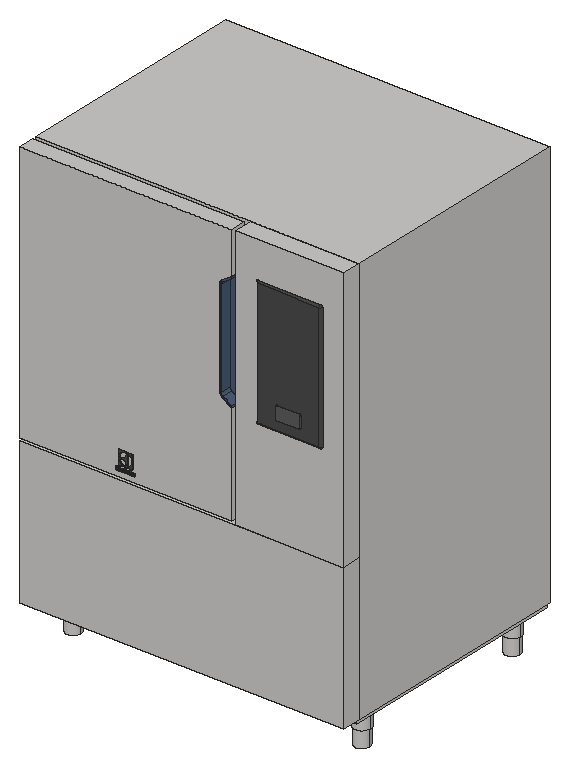
Revit family "QF_ELECTROLUXPROFESSIONAL_727876_EBFA12URE", category Specialty Equipment, Revit 2018 (continued)
Lines and regions (mm)
  Split face 221
    outline origin (170.176, -292.149, -222.619) x (-1, 0, 0) y (0, 0, -1)
      loop
        line (846.638, -548.639) -> (956.654, -548.639) -> (956.654, -543.665) -> (846.638, -543.665) -> (846.638, -548.639)
  Split face 222
    outline origin (170.176, -292.149, -213.119) x (-1, 0, 0) y (0, 0, -1)
      loop
        line (846.638, -548.639) -> (956.654, -548.639) -> (956.654, -543.665) -> (846.638, -543.665) -> (846.638, -548.639)
  Split face 223
    outline origin (170.176, -292.149, -203.619) x (-1, 0, 0) y (0, 0, -1)
      loop
        line (846.638, -548.639) -> (956.654, -548.639) -> (956.654, -543.665) -> (846.638, -543.665) -> (846.638, -548.639)
  Split face 224
    outline origin (170.176, -292.149, -194.118) x (-1, 0, 0) y (0, 0, -1)
      loop
        line (846.638, -548.639) -> (956.654, -548.639) -> (956.654, -543.665) -> (846.638, -543.665) -> (846.638, -548.639)
  Split face 225
    outline origin (170.176, -292.149, -184.618) x (-1, 0, 0) y (0, 0, -1)
      loop
        line (846.638, -548.639) -> (956.654, -548.639) -> (956.654, -543.665) -> (846.638, -543.665) -> (846.638, -548.639)
  Split face 226
    outline origin (170.176, -292.149, -175.118) x (-1, 0, 0) y (0, 0, -1)
      loop
        line (846.638, -548.639) -> (956.654, -548.639) -> (956.654, -543.665) -> (846.638, -543.665) -> (846.638, -548.639)
  Split face 227
    outline origin (170.176, -292.149, -165.618) x (-1, 0, 0) y (0, 0, -1)
      loop
        line (846.638, -548.639) -> (956.654, -548.639) -> (956.654, -543.665) -> (846.638, -543.665) -> (846.638, -548.639)
  Split face 228
    outline origin (170.176, -292.149, -156.118) x (-1, 0, 0) y (0, 0, -1)
      loop
        line (846.638, -548.639) -> (956.654, -548.639) -> (956.654, -543.665) -> (846.638, -543.665) -> (846.638, -548.639)
  Split face 229
    outline origin (170.176, -292.149, -146.618) x (-1, 0, 0) y (0, 0, -1)
      loop
        line (846.638, -548.639) -> (956.654, -548.639) -> (956.654, -543.665) -> (846.638, -543.665) -> (846.638, -548.639)
  Split face 230
    outline origin (170.176, -292.149, -137.118) x (-1, 0, 0) y (0, 0, -1)
      loop
        line (846.638, -548.639) -> (956.654, -548.639) -> (956.654, -543.665) -> (846.638, -543.665) -> (846.638, -548.639)
  Split face 231
    outline origin (170.176, -292.149, -127.618) x (-1, 0, 0) y (0, 0, -1)
      loop
        line (846.638, -548.639) -> (956.654, -548.639) -> (956.654, -543.665) -> (846.638, -543.665) -> (846.638, -548.639)
  Split face 232
    outline origin (170.176, -292.149, -118.118) x (-1, 0, 0) y (0, 0, -1)
      loop
        line (846.638, -548.639) -> (956.654, -548.639) -> (956.654, -543.665) -> (846.638, -543.665) -> (846.638, -548.639)
  Split face 233
    outline origin (170.176, -292.149, -108.618) x (-1, 0, 0) y (0, 0, -1)
      loop
        line (846.638, -548.639) -> (956.654, -548.639) -> (956.654, -543.665) -> (846.638, -543.665) -> (846.638, -548.639)
  Split face 234
    outline origin (170.176, -292.149, -99.118) x (-1, 0, 0) y (0, 0, -1)
      loop
        line (846.638, -548.639) -> (956.654, -548.639) -> (956.654, -543.665) -> (846.638, -543.665) -> (846.638, -548.639)
  Split face 235
    outline origin (170.176, -292.149, -89.618) x (-1, 0, 0) y (0, 0, -1)
      loop
        line (846.638, -548.639) -> (956.654, -548.639) -> (956.654, -543.665) -> (846.638, -543.665) -> (846.638, -548.639)
  Split face 236
    outline origin (170.176, -292.149, -80.117) x (-1, 0, 0) y (0, 0, -1)
      loop
        line (846.638, -548.639) -> (956.654, -548.639) -> (956.654, -543.665) -> (846.638, -543.665) -> (846.638, -548.639)
  Split face 237
    outline origin (170.176, -292.149, -70.617) x (-1, 0, 0) y (0, 0, -1)
      loop
        line (846.638, -548.639) -> (956.654, -548.639) -> (956.654, -543.665) -> (846.638, -543.665) -> (846.638, -548.639)
  Split face 238
    outline origin (170.176, -292.149, -61.117) x (-1, 0, 0) y (0, 0, -1)
      loop
        line (846.638, -548.639) -> (956.654, -548.639) -> (956.654, -543.665) -> (846.638, -543.665) -> (846.638, -548.639)
  Split face 239
    outline origin (170.176, -292.149, -51.617) x (-1, 0, 0) y (0, 0, -1)
      loop
        line (846.638, -548.639) -> (956.654, -548.639) -> (956.654, -543.665) -> (846.638, -543.665) -> (846.638, -548.639)
  Split face 240
    outline origin (170.176, -292.149, -42.117) x (-1, 0, 0) y (0, 0, -1)
      loop
        line (846.638, -548.639) -> (956.654, -548.639) -> (956.654, -543.665) -> (846.638, -543.665) -> (846.638, -548.639)
  Split face 241
    outline origin (170.176, -292.149, -32.617) x (-1, 0, 0) y (0, 0, -1)
      loop
        line (846.638, -548.639) -> (956.654, -548.639) -> (956.654, -543.665) -> (846.638, -543.665) -> (846.638, -548.639)
  Split face 242
    outline origin (170.176, -292.149, -23.117) x (-1, 0, 0) y (0, 0, -1)
      loop
        line (846.638, -548.639) -> (956.654, -548.639) -> (956.654, -543.665) -> (846.638, -543.665) -> (846.638, -548.639)
  Split face 243
    outline origin (170.176, -292.149, -13.617) x (-1, 0, 0) y (0, 0, -1)
      loop
        line (846.638, -548.639) -> (956.654, -548.639) -> (956.654, -543.665) -> (846.638, -543.665) -> (846.638, -548.639)
  Split face 244
    outline origin (170.176, -292.149, -4.117) x (-1, 0, 0) y (0, 0, -1)
      loop
        line (846.638, -548.639) -> (956.654, -548.639) -> (956.654, -543.665) -> (846.638, -543.665) -> (846.638, -548.639)
  Split face 245
    outline origin (170.176, -292.149, 5.383) x (-1, 0, 0) y (0, 0, -1)
      loop
        line (846.638, -548.639) -> (956.654, -548.639) -> (956.654, -543.665) -> (846.638, -543.665) -> (846.638, -548.639)
  Split face 246
    outline origin (170.176, -292.149, 14.883) x (-1, 0, 0) y (0, 0, -1)
      loop
        line (846.638, -548.639) -> (956.654, -548.639) -> (956.654, -543.665) -> (846.638, -543.665) -> (846.638, -548.639)
  Split face 247
    outline origin (50.185, -292.149, -365.12) x (-1, 0, 0) y (0, 0, -1)
      loop
        line (846.638, -548.639) -> (956.654, -548.639) -> (956.654, -543.665) -> (846.638, -543.665) -> (846.638, -548.639)
  Split face 248
    outline origin (50.185, -292.149, -355.62) x (-1, 0, 0) y (0, 0, -1)
      loop
        line (846.638, -548.639) -> (956.654, -548.639) -> (956.654, -543.665) -> (846.638, -543.665) -> (846.638, -548.639)
  Split face 249
    outline origin (50.185, -292.149, -346.12) x (-1, 0, 0) y (0, 0, -1)
      loop
        line (846.638, -548.639) -> (956.654, -548.639) -> (956.654, -543.665) -> (846.638, -543.665) -> (846.638, -548.639)
  Split face 250
    outline origin (50.185, -292.149, -336.62) x (-1, 0, 0) y (0, 0, -1)
      loop
        line (846.638, -548.639) -> (956.654, -548.639) -> (956.654, -543.665) -> (846.638, -543.665) -> (846.638, -548.639)
  Split face 251
    outline origin (50.185, -292.149, -327.12) x (-1, 0, 0) y (0, 0, -1)
      loop
        line (846.638, -548.639) -> (956.654, -548.639) -> (956.654, -543.665) -> (846.638, -543.665) -> (846.638, -548.639)
  Split face 252
    outline origin (50.185, -292.149, -317.619) x (-1, 0, 0) y (0, 0, -1)
      loop
        line (846.638, -548.639) -> (956.654, -548.639) -> (956.654, -543.665) -> (846.638, -543.665) -> (846.638, -548.639)
  Split face 253
    outline origin (50.185, -292.149, -308.119) x (-1, 0, 0) y (0, 0, -1)
      loop
        line (846.638, -548.639) -> (956.654, -548.639) -> (956.654, -543.665) -> (846.638, -543.665) -> (846.638, -548.639)
  Split face 254
    outline origin (50.185, -292.149, -298.619) x (-1, 0, 0) y (0, 0, -1)
      loop
        line (846.638, -548.639) -> (956.654, -548.639) -> (956.654, -543.665) -> (846.638, -543.665) -> (846.638, -548.639)
  Split face 255
    outline origin (50.185, -292.149, -289.119) x (-1, 0, 0) y (0, 0, -1)
      loop
        line (846.638, -548.639) -> (956.654, -548.639) -> (956.654, -543.665) -> (846.638, -543.665) -> (846.638, -548.639)
  Split face 256
    outline origin (50.185, -292.149, -279.619) x (-1, 0, 0) y (0, 0, -1)
      loop
        line (846.638, -548.639) -> (956.654, -548.639) -> (956.654, -543.665) -> (846.638, -543.665) -> (846.638, -548.639)
  Split face 257
    outline origin (50.185, -292.149, -270.119) x (-1, 0, 0) y (0, 0, -1)
      loop
        line (846.638, -548.639) -> (956.654, -548.639) -> (956.654, -543.665) -> (846.638, -543.665) -> (846.638, -548.639)
  Split face 258
    outline origin (50.185, -292.149, -260.619) x (-1, 0, 0) y (0, 0, -1)
      loop
        line (846.638, -548.639) -> (956.654, -548.639) -> (956.654, -543.665) -> (846.638, -543.665) -> (846.638, -548.639)
  Split face 259
    outline origin (50.185, -292.149, -251.119) x (-1, 0, 0) y (0, 0, -1)
      loop
        line (846.638, -548.639) -> (956.654, -548.639) -> (956.654, -543.665) -> (846.638, -543.665) -> (846.638, -548.639)
  Split face 260
    outline origin (50.185, -292.149, -241.619) x (-1, 0, 0) y (0, 0, -1)
      loop
        line (846.638, -548.639) -> (956.654, -548.639) -> (956.654, -543.665) -> (846.638, -543.665) -> (846.638, -548.639)
  Split face 261
    outline origin (50.185, -292.149, -232.119) x (-1, 0, 0) y (0, 0, -1)
      loop
        line (846.638, -548.639) -> (956.654, -548.639) -> (956.654, -543.665) -> (846.638, -543.665) -> (846.638, -548.639)
  Split face 262
    outline origin (50.185, -292.149, -222.619) x (-1, 0, 0) y (0, 0, -1)
      loop
        line (846.638, -548.639) -> (956.654, -548.639) -> (956.654, -543.665) -> (846.638, -543.665) -> (846.638, -548.639)
  Split face 263
    outline origin (50.185, -292.149, -213.119) x (-1, 0, 0) y (0, 0, -1)
      loop
        line (846.638, -548.639) -> (956.654, -548.639) -> (956.654, -543.665) -> (846.638, -543.665) -> (846.638, -548.639)
  Split face 264
    outline origin (50.185, -292.149, -203.619) x (-1, 0, 0) y (0, 0, -1)
      loop
        line (846.638, -548.639) -> (956.654, -548.639) -> (956.654, -543.665) -> (846.638, -543.665) -> (846.638, -548.639)
  Split face 265
    outline origin (50.185, -292.149, -194.118) x (-1, 0, 0) y (0, 0, -1)
      loop
        line (846.638, -548.639) -> (956.654, -548.639) -> (956.654, -543.665) -> (846.638, -543.665) -> (846.638, -548.639)
  Split face 266
    outline origin (50.185, -292.149, -184.618) x (-1, 0, 0) y (0, 0, -1)
      loop
        line (846.638, -548.639) -> (956.654, -548.639) -> (956.654, -543.665) -> (846.638, -543.665) -> (846.638, -548.639)
  Split face 267
    outline origin (50.185, -292.149, -175.118) x (-1, 0, 0) y (0, 0, -1)
      loop
        line (846.638, -548.639) -> (956.654, -548.639) -> (956.654, -543.665) -> (846.638, -543.665) -> (846.638, -548.639)
  Split face 268
    outline origin (50.185, -292.149, -165.618) x (-1, 0, 0) y (0, 0, -1)
      loop
        line (846.638, -548.639) -> (956.654, -548.639) -> (956.654, -543.665) -> (846.638, -543.665) -> (846.638, -548.639)
  Split face 269
    outline origin (50.185, -292.149, -156.118) x (-1, 0, 0) y (0, 0, -1)
      loop
        line (846.638, -548.639) -> (956.654, -548.639) -> (956.654, -543.665) -> (846.638, -543.665) -> (846.638, -548.639)
  Split face 270
    outline origin (50.185, -292.149, -146.618) x (-1, 0, 0) y (0, 0, -1)
      loop
        line (846.638, -548.639) -> (956.654, -548.639) -> (956.654, -543.665) -> (846.638, -543.665) -> (846.638, -548.639)
  Split face 271
    outline origin (50.185, -292.149, -137.118) x (-1, 0, 0) y (0, 0, -1)
      loop
        line (846.638, -548.639) -> (956.654, -548.639) -> (956.654, -543.665) -> (846.638, -543.665) -> (846.638, -548.639)
  Split face 272
    outline origin (50.185, -292.149, -127.618) x (-1, 0, 0) y (0, 0, -1)
      loop
        line (846.638, -548.639) -> (956.654, -548.639) -> (956.654, -543.665) -> (846.638, -543.665) -> (846.638, -548.639)
  Split face 273
    outline origin (50.185, -292.149, -118.118) x (-1, 0, 0) y (0, 0, -1)
      loop
        line (846.638, -548.639) -> (956.654, -548.639) -> (956.654, -543.665) -> (846.638, -543.665) -> (846.638, -548.639)
  Split face 274
    outline origin (50.185, -292.149, -108.618) x (-1, 0, 0) y (0, 0, -1)
      loop
        line (846.638, -548.639) -> (956.654, -548.639) -> (956.654, -543.665) -> (846.638, -543.665) -> (846.638, -548.639)
  Split face 275
    outline origin (50.185, -292.149, -99.118) x (-1, 0, 0) y (0, 0, -1)
      loop
        line (846.638, -548.639) -> (956.654, -548.639) -> (956.654, -543.665) -> (846.638, -543.665) -> (846.638, -548.639)
  Split face 276
    outline origin (50.185, -292.149, -89.618) x (-1, 0, 0) y (0, 0, -1)
      loop
        line (846.638, -548.639) -> (956.654, -548.639) -> (956.654, -543.665) -> (846.638, -543.665) -> (846.638, -548.639)
  Split face 277
    outline origin (50.185, -292.149, -80.117) x (-1, 0, 0) y (0, 0, -1)
      loop
        line (846.638, -548.639) -> (956.654, -548.639) -> (956.654, -543.665) -> (846.638, -543.665) -> (846.638, -548.639)
  Split face 278
    outline origin (50.185, -292.149, -70.617) x (-1, 0, 0) y (0, 0, -1)
      loop
        line (846.638, -548.639) -> (956.654, -548.639) -> (956.654, -543.665) -> (846.638, -543.665) -> (846.638, -548.639)
  Split face 279
    outline origin (50.185, -292.149, -61.117) x (-1, 0, 0) y (0, 0, -1)
      loop
        line (846.638, -548.639) -> (956.654, -548.639) -> (956.654, -543.665) -> (846.638, -543.665) -> (846.638, -548.639)
  Split face 280
    outline origin (50.185, -292.149, -51.617) x (-1, 0, 0) y (0, 0, -1)
      loop
        line (846.638, -548.639) -> (956.654, -548.639) -> (956.654, -543.665) -> (846.638, -543.665) -> (846.638, -548.639)
  Split face 281
    outline origin (50.185, -292.149, -42.117) x (-1, 0, 0) y (0, 0, -1)
      loop
        line (846.638, -548.639) -> (956.654, -548.639) -> (956.654, -543.665) -> (846.638, -543.665) -> (846.638, -548.639)
  Split face 282
    outline origin (50.185, -292.149, -32.617) x (-1, 0, 0) y (0, 0, -1)
      loop
        line (846.638, -548.639) -> (956.654, -548.639) -> (956.654, -543.665) -> (846.638, -543.665) -> (846.638, -548.639)
  Split face 283
    outline origin (50.185, -292.149, -23.117) x (-1, 0, 0) y (0, 0, -1)
      loop
        line (846.638, -548.639) -> (956.654, -548.639) -> (956.654, -543.665) -> (846.638, -543.665) -> (846.638, -548.639)
  Split face 284
    outline origin (50.185, -292.149, -13.617) x (-1, 0, 0) y (0, 0, -1)
      loop
        line (846.638, -548.639) -> (956.654, -548.639) -> (956.654, -543.665) -> (846.638, -543.665) -> (846.638, -548.639)
  Split face 285
    outline origin (50.185, -292.149, -4.117) x (-1, 0, 0) y (0, 0, -1)
      loop
        line (846.638, -548.639) -> (956.654, -548.639) -> (956.654, -543.665) -> (846.638, -543.665) -> (846.638, -548.639)
  Split face 286
    outline origin (50.185, -292.149, 5.383) x (-1, 0, 0) y (0, 0, -1)
      loop
        line (846.638, -548.639) -> (956.654, -548.639) -> (956.654, -543.665) -> (846.638, -543.665) -> (846.638, -548.639)
  Split face 287
    outline origin (50.185, -292.149, 14.883) x (-1, 0, 0) y (0, 0, -1)
      loop
        line (846.638, -548.639) -> (956.654, -548.639) -> (956.654, -543.665) -> (846.638, -543.665) -> (846.638, -548.639)
  Split face 288
    outline origin (530.15, -292.149, -365.12) x (-1, 0, 0) y (0, 0, -1)
      loop
        line (846.638, -548.639) -> (956.654, -548.639) -> (956.654, -543.665) -> (846.638, -543.665) -> (846.638, -548.639)
  Split face 289
    outline origin (530.15, -292.149, -355.62) x (-1, 0, 0) y (0, 0, -1)
      loop
        line (846.638, -548.639) -> (956.654, -548.639) -> (956.654, -543.665) -> (846.638, -543.665) -> (846.638, -548.639)
  Split face 290
    outline origin (530.15, -292.149, -346.12) x (-1, 0, 0) y (0, 0, -1)
      loop
        line (846.638, -548.639) -> (956.654, -548.639) -> (956.654, -543.665) -> (846.638, -543.665) -> (846.638, -548.639)
  Split face 291
    outline origin (530.15, -292.149, -336.62) x (-1, 0, 0) y (0, 0, -1)
      loop
        line (846.638, -548.639) -> (956.654, -548.639) -> (956.654, -543.665) -> (846.638, -543.665) -> (846.638, -548.639)
  Split face 292
    outline origin (530.15, -292.149, -327.12) x (-1, 0, 0) y (0, 0, -1)
      loop
        line (846.638, -548.639) -> (956.654, -548.639) -> (956.654, -543.665) -> (846.638, -543.665) -> (846.638, -548.639)
  Split face 293
    outline origin (530.15, -292.149, -317.619) x (-1, 0, 0) y (0, 0, -1)
      loop
        line (846.638, -548.639) -> (956.654, -548.639) -> (956.654, -543.665) -> (846.638, -543.665) -> (846.638, -548.639)
  Split face 294
    outline origin (530.15, -292.149, -308.119) x (-1, 0, 0) y (0, 0, -1)
      loop
        line (846.638, -548.639) -> (956.654, -548.639) -> (956.654, -543.665) -> (846.638, -543.665) -> (846.638, -548.639)
  Split face 295
    outline origin (530.15, -292.149, -298.619) x (-1, 0, 0) y (0, 0, -1)
      loop
        line (846.638, -548.639) -> (956.654, -548.639) -> (956.654, -543.665) -> (846.638, -543.665) -> (846.638, -548.639)
  Split face 296
    outline origin (530.15, -292.149, -289.119) x (-1, 0, 0) y (0, 0, -1)
      loop
        line (846.638, -548.639) -> (956.654, -548.639) -> (956.654, -543.665) -> (846.638, -543.665) -> (846.638, -548.639)
  Split face 297
    outline origin (530.15, -292.149, -279.619) x (-1, 0, 0) y (0, 0, -1)
      loop
        line (846.638, -548.639) -> (956.654, -548.639) -> (956.654, -543.665) -> (846.638, -543.665) -> (846.638, -548.639)
  Split face 298
    outline origin (530.15, -292.149, -270.119) x (-1, 0, 0) y (0, 0, -1)
      loop
        line (846.638, -548.639) -> (956.654, -548.639) -> (956.654, -543.665) -> (846.638, -543.665) -> (846.638, -548.639)
  Split face 299
    outline origin (530.15, -292.149, -260.619) x (-1, 0, 0) y (0, 0, -1)
      loop
        line (846.638, -548.639) -> (956.654, -548.639) -> (956.654, -543.665) -> (846.638, -543.665) -> (846.638, -548.639)
  Split face 300
    outline origin (530.15, -292.149, -251.119) x (-1, 0, 0) y (0, 0, -1)
      loop
        line (846.638, -548.639) -> (956.654, -548.639) -> (956.654, -543.665) -> (846.638, -543.665) -> (846.638, -548.639)
  Split face 301
    outline origin (530.15, -292.149, -241.619) x (-1, 0, 0) y (0, 0, -1)
      loop
        line (846.638, -548.639) -> (956.654, -548.639) -> (956.654, -543.665) -> (846.638, -543.665) -> (846.638, -548.639)
  Split face 302
    outline origin (530.15, -292.149, -232.119) x (-1, 0, 0) y (0, 0, -1)
      loop
        line (846.638, -548.639) -> (956.654, -548.639) -> (956.654, -543.665) -> (846.638, -543.665) -> (846.638, -548.639)
  Split face 303
    outline origin (530.15, -292.149, -222.619) x (-1, 0, 0) y (0, 0, -1)
      loop
        line (846.638, -548.639) -> (956.654, -548.639) -> (956.654, -543.665) -> (846.638, -543.665) -> (846.638, -548.639)
  Split face 304
    outline origin (530.15, -292.149, -213.119) x (-1, 0, 0) y (0, 0, -1)
      loop
        line (846.638, -548.639) -> (956.654, -548.639) -> (956.654, -543.665) -> (846.638, -543.665) -> (846.638, -548.639)
  Split face 305
    outline origin (530.15, -292.149, -203.619) x (-1, 0, 0) y (0, 0, -1)
      loop
        line (846.638, -548.639) -> (956.654, -548.639) -> (956.654, -543.665) -> (846.638, -543.665) -> (846.638, -548.639)
  Split face 306
    outline origin (530.15, -292.149, -194.118) x (-1, 0, 0) y (0, 0, -1)
      loop
        line (846.638, -548.639) -> (956.654, -548.639) -> (956.654, -543.665) -> (846.638, -543.665) -> (846.638, -548.639)
  Split face 307
    outline origin (530.15, -292.149, -184.618) x (-1, 0, 0) y (0, 0, -1)
      loop
        line (846.638, -548.639) -> (956.654, -548.639) -> (956.654, -543.665) -> (846.638, -543.665) -> (846.638, -548.639)
  Split face 308
    outline origin (530.15, -292.149, -175.118) x (-1, 0, 0) y (0, 0, -1)
      loop
        line (846.638, -548.639) -> (956.654, -548.639) -> (956.654, -543.665) -> (846.638, -543.665) -> (846.638, -548.639)
  Split face 309
    outline origin (530.15, -292.149, -165.618) x (-1, 0, 0) y (0, 0, -1)
      loop
        line (846.638, -548.639) -> (956.654, -548.639) -> (956.654, -543.665) -> (846.638, -543.665) -> (846.638, -548.639)
  Split face 310
    outline origin (530.15, -292.149, -156.118) x (-1, 0, 0) y (0, 0, -1)
      loop
        line (846.638, -548.639) -> (956.654, -548.639) -> (956.654, -543.665) -> (846.638, -543.665) -> (846.638, -548.639)
  Split face 311
    outline origin (530.15, -292.149, -146.618) x (-1, 0, 0) y (0, 0, -1)
      loop
        line (846.638, -548.639) -> (956.654, -548.639) -> (956.654, -543.665) -> (846.638, -543.665) -> (846.638, -548.639)
  Split face 312
    outline origin (530.15, -292.149, -137.118) x (-1, 0, 0) y (0, 0, -1)
      loop
        line (846.638, -548.639) -> (956.654, -548.639) -> (956.654, -543.665) -> (846.638, -543.665) -> (846.638, -548.639)
  Split face 313
    outline origin (530.15, -292.149, -127.618) x (-1, 0, 0) y (0, 0, -1)
      loop
        line (846.638, -548.639) -> (956.654, -548.639) -> (956.654, -543.665) -> (846.638, -543.665) -> (846.638, -548.639)
  Split face 314
    outline origin (530.15, -292.149, -118.118) x (-1, 0, 0) y (0, 0, -1)
      loop
        line (846.638, -548.639) -> (956.654, -548.639) -> (956.654, -543.665) -> (846.638, -543.665) -> (846.638, -548.639)
  Split face 315
    outline origin (530.15, -292.149, -108.618) x (-1, 0, 0) y (0, 0, -1)
      loop
        line (846.638, -548.639) -> (956.654, -548.639) -> (956.654, -543.665) -> (846.638, -543.665) -> (846.638, -548.639)
  Split face 316
    outline origin (530.15, -292.149, -99.118) x (-1, 0, 0) y (0, 0, -1)
      loop
        line (846.638, -548.639) -> (956.654, -548.639) -> (956.654, -543.665) -> (846.638, -543.665) -> (846.638, -548.639)
  Split face 317
    outline origin (530.15, -292.149, -89.618) x (-1, 0, 0) y (0, 0, -1)
      loop
        line (846.638, -548.639) -> (956.654, -548.639) -> (956.654, -543.665) -> (846.638, -543.665) -> (846.638, -548.639)
  Split face 318
    outline origin (530.15, -292.149, -80.117) x (-1, 0, 0) y (0, 0, -1)
      loop
        line (846.638, -548.639) -> (956.654, -548.639) -> (956.654, -543.665) -> (846.638, -543.665) -> (846.638, -548.639)
  Split face 319
    outline origin (530.15, -292.149, -70.617) x (-1, 0, 0) y (0, 0, -1)
      loop
        line (846.638, -548.639) -> (956.654, -548.639) -> (956.654, -543.665) -> (846.638, -543.665) -> (846.638, -548.639)
  Split face 320
    outline origin (530.15, -292.149, -61.117) x (-1, 0, 0) y (0, 0, -1)
      loop
        line (846.638, -548.639) -> (956.654, -548.639) -> (956.654, -543.665) -> (846.638, -543.665) -> (846.638, -548.639)
  Split face 321
    outline origin (530.15, -292.149, -51.617) x (-1, 0, 0) y (0, 0, -1)
      loop
        line (846.638, -548.639) -> (956.654, -548.639) -> (956.654, -543.665) -> (846.638, -543.665) -> (846.638, -548.639)
  Split face 322
    outline origin (530.15, -292.149, -42.117) x (-1, 0, 0) y (0, 0, -1)
      loop
        line (846.638, -548.639) -> (956.654, -548.639) -> (956.654, -543.665) -> (846.638, -543.665) -> (846.638, -548.639)
  Split face 323
    outline origin (530.15, -292.149, -32.617) x (-1, 0, 0) y (0, 0, -1)
      loop
        line (846.638, -548.639) -> (956.654, -548.639) -> (956.654, -543.665) -> (846.638, -543.665) -> (846.638, -548.639)
  Split face 324
    outline origin (530.15, -292.149, -23.117) x (-1, 0, 0) y (0, 0, -1)
      loop
        line (846.638, -548.639) -> (956.654, -548.639) -> (956.654, -543.665) -> (846.638, -543.665) -> (846.638, -548.639)
  Split face 325
    outline origin (530.15, -292.149, -13.617) x (-1, 0, 0) y (0, 0, -1)
      loop
        line (846.638, -548.639) -> (956.654, -548.639) -> (956.654, -543.665) -> (846.638, -543.665) -> (846.638, -548.639)
  Split face 326
    outline origin (530.15, -292.149, -4.117) x (-1, 0, 0) y (0, 0, -1)
      loop
        line (846.638, -548.639) -> (956.654, -548.639) -> (956.654, -543.665) -> (846.638, -543.665) -> (846.638, -548.639)
  Split face 327
    outline origin (530.15, -292.149, 5.383) x (-1, 0, 0) y (0, 0, -1)
      loop
        line (846.638, -548.639) -> (956.654, -548.639) -> (956.654, -543.665) -> (846.638, -543.665) -> (846.638, -548.639)
  Split face 328
    outline origin (530.15, -292.149, 14.883) x (-1, 0, 0) y (0, 0, -1)
      loop
        line (846.638, -548.639) -> (956.654, -548.639) -> (956.654, -543.665) -> (846.638, -543.665) -> (846.638, -548.639)
  Split face 329
    outline origin (410.159, -292.149, -365.12) x (-1, 0, 0) y (0, 0, -1)
      loop
        line (846.638, -548.639) -> (956.654, -548.639) -> (956.654, -543.665) -> (846.638, -543.665) -> (846.638, -548.639)
  Split face 330
    outline origin (410.159, -292.149, -355.62) x (-1, 0, 0) y (0, 0, -1)
      loop
        line (846.638, -548.639) -> (956.654, -548.639) -> (956.654, -543.665) -> (846.638, -543.665) -> (846.638, -548.639)
  Split face 331
    outline origin (410.159, -292.149, -346.12) x (-1, 0, 0) y (0, 0, -1)
      loop
        line (846.638, -548.639) -> (956.654, -548.639) -> (956.654, -543.665) -> (846.638, -543.665) -> (846.638, -548.639)
  Split face 332
    outline origin (410.159, -292.149, -336.62) x (-1, 0, 0) y (0, 0, -1)
      loop
        line (846.638, -548.639) -> (956.654, -548.639) -> (956.654, -543.665) -> (846.638, -543.665) -> (846.638, -548.639)
  Split face 333
    outline origin (410.159, -292.149, -327.12) x (-1, 0, 0) y (0, 0, -1)
      loop
        line (846.638, -548.639) -> (956.654, -548.639) -> (956.654, -543.665) -> (846.638, -543.665) -> (846.638, -548.639)
  Split face 334
    outline origin (410.159, -292.149, -317.619) x (-1, 0, 0) y (0, 0, -1)
      loop
        line (846.638, -548.639) -> (956.654, -548.639) -> (956.654, -543.665) -> (846.638, -543.665) -> (846.638, -548.639)
  Split face 335
    outline origin (410.159, -292.149, -308.119) x (-1, 0, 0) y (0, 0, -1)
      loop
        line (846.638, -548.639) -> (956.654, -548.639) -> (956.654, -543.665) -> (846.638, -543.665) -> (846.638, -548.639)
  Split face 336
    outline origin (410.159, -292.149, -298.619) x (-1, 0, 0) y (0, 0, -1)
      loop
        line (846.638, -548.639) -> (956.654, -548.639) -> (956.654, -543.665) -> (846.638, -543.665) -> (846.638, -548.639)
  Split face 337
    outline origin (410.159, -292.149, -289.119) x (-1, 0, 0) y (0, 0, -1)
      loop
        line (846.638, -548.639) -> (956.654, -548.639) -> (956.654, -543.665) -> (846.638, -543.665) -> (846.638, -548.639)
  Split face 338
    outline origin (410.159, -292.149, -279.619) x (-1, 0, 0) y (0, 0, -1)
      loop
        line (846.638, -548.639) -> (956.654, -548.639) -> (956.654, -543.665) -> (846.638, -543.665) -> (846.638, -548.639)
  Split face 339
    outline origin (410.159, -292.149, -270.119) x (-1, 0, 0) y (0, 0, -1)
      loop
        line (846.638, -548.639) -> (956.654, -548.639) -> (956.654, -543.665) -> (846.638, -543.665) -> (846.638, -548.639)
  Split face 340
    outline origin (410.159, -292.149, -260.619) x (-1, 0, 0) y (0, 0, -1)
      loop
        line (846.638, -548.639) -> (956.654, -548.639) -> (956.654, -543.665) -> (846.638, -543.665) -> (846.638, -548.639)
  Split face 341
    outline origin (410.159, -292.149, -251.119) x (-1, 0, 0) y (0, 0, -1)
      loop
        line (846.638, -548.639) -> (956.654, -548.639) -> (956.654, -543.665) -> (846.638, -543.665) -> (846.638, -548.639)
  Split face 342
    outline origin (410.159, -292.149, -241.619) x (-1, 0, 0) y (0, 0, -1)
      loop
        line (846.638, -548.639) -> (956.654, -548.639) -> (956.654, -543.665) -> (846.638, -543.665) -> (846.638, -548.639)
  Split face 343
    outline origin (410.159, -292.149, -232.119) x (-1, 0, 0) y (0, 0, -1)
      loop
        line (846.638, -548.639) -> (956.654, -548.639) -> (956.654, -543.665) -> (846.638, -543.665) -> (846.638, -548.639)
  Split face 344
    outline origin (410.159, -292.149, -222.619) x (-1, 0, 0) y (0, 0, -1)
      loop
        line (846.638, -548.639) -> (956.654, -548.639) -> (956.654, -543.665) -> (846.638, -543.665) -> (846.638, -548.639)
  Split face 345
    outline origin (410.159, -292.149, -213.119) x (-1, 0, 0) y (0, 0, -1)
      loop
        line (846.638, -548.639) -> (956.654, -548.639) -> (956.654, -543.665) -> (846.638, -543.665) -> (846.638, -548.639)
  Split face 346
    outline origin (410.159, -292.149, -203.619) x (-1, 0, 0) y (0, 0, -1)
      loop
        line (846.638, -548.639) -> (956.654, -548.639) -> (956.654, -543.665) -> (846.638, -543.665) -> (846.638, -548.639)
  Split face 347
    outline origin (410.159, -292.149, -194.118) x (-1, 0, 0) y (0, 0, -1)
      loop
        line (846.638, -548.639) -> (956.654, -548.639) -> (956.654, -543.665) -> (846.638, -543.665) -> (846.638, -548.639)
  Split face 348
    outline origin (410.159, -292.149, -184.618) x (-1, 0, 0) y (0, 0, -1)
      loop
        line (846.638, -548.639) -> (956.654, -548.639) -> (956.654, -543.665) -> (846.638, -543.665) -> (846.638, -548.639)
  Split face 349
    outline origin (410.159, -292.149, -175.118) x (-1, 0, 0) y (0, 0, -1)
      loop
        line (846.638, -548.639) -> (956.654, -548.639) -> (956.654, -543.665) -> (846.638, -543.665) -> (846.638, -548.639)
  Split face 350
    outline origin (410.159, -292.149, -165.618) x (-1, 0, 0) y (0, 0, -1)
      loop
        line (846.638, -548.639) -> (956.654, -548.639) -> (956.654, -543.665) -> (846.638, -543.665) -> (846.638, -548.639)
  Split face 351
    outline origin (410.159, -292.149, -156.118) x (-1, 0, 0) y (0, 0, -1)
      loop
        line (846.638, -548.639) -> (956.654, -548.639) -> (956.654, -543.665) -> (846.638, -543.665) -> (846.638, -548.639)
  Split face 352
    outline origin (410.159, -292.149, -146.618) x (-1, 0, 0) y (0, 0, -1)
      loop
        line (846.638, -548.639) -> (956.654, -548.639) -> (956.654, -543.665) -> (846.638, -543.665) -> (846.638, -548.639)
  Split face 353
    outline origin (410.159, -292.149, -137.118) x (-1, 0, 0) y (0, 0, -1)
      loop
        line (846.638, -548.639) -> (956.654, -548.639) -> (956.654, -543.665) -> (846.638, -543.665) -> (846.638, -548.639)
  Split face 354
    outline origin (410.159, -292.149, -127.618) x (-1, 0, 0) y (0, 0, -1)
      loop
        line (846.638, -548.639) -> (956.654, -548.639) -> (956.654, -543.665) -> (846.638, -543.665) -> (846.638, -548.639)
  Split face 355
    outline origin (410.159, -292.149, -118.118) x (-1, 0, 0) y (0, 0, -1)
      loop
        line (846.638, -548.639) -> (956.654, -548.639) -> (956.654, -543.665) -> (846.638, -543.665) -> (846.638, -548.639)
  Split face 356
    outline origin (410.159, -292.149, -108.618) x (-1, 0, 0) y (0, 0, -1)
      loop
        line (846.638, -548.639) -> (956.654, -548.639) -> (956.654, -543.665) -> (846.638, -543.665) -> (846.638, -548.639)
  Split face 357
    outline origin (410.159, -292.149, -99.118) x (-1, 0, 0) y (0, 0, -1)
      loop
        line (846.638, -548.639) -> (956.654, -548.639) -> (956.654, -543.665) -> (846.638, -543.665) -> (846.638, -548.639)
  Split face 358
    outline origin (410.159, -292.149, -89.618) x (-1, 0, 0) y (0, 0, -1)
      loop
        line (846.638, -548.639) -> (956.654, -548.639) -> (956.654, -543.665) -> (846.638, -543.665) -> (846.638, -548.639)
  Split face 359
    outline origin (410.159, -292.149, -80.117) x (-1, 0, 0) y (0, 0, -1)
      loop
        line (846.638, -548.639) -> (956.654, -548.639) -> (956.654, -543.665) -> (846.638, -543.665) -> (846.638, -548.639)
  Split face 360
    outline origin (410.159, -292.149, -70.617) x (-1, 0, 0) y (0, 0, -1)
      loop
        line (846.638, -548.639) -> (956.654, -548.639) -> (956.654, -543.665) -> (846.638, -543.665) -> (846.638, -548.639)
  Split face 361
    outline origin (410.159, -292.149, -61.117) x (-1, 0, 0) y (0, 0, -1)
      loop
        line (846.638, -548.639) -> (956.654, -548.639) -> (956.654, -543.665) -> (846.638, -543.665) -> (846.638, -548.639)
  Split face 362
    outline origin (410.159, -292.149, -51.617) x (-1, 0, 0) y (0, 0, -1)
      loop
        line (846.638, -548.639) -> (956.654, -548.639) -> (956.654, -543.665) -> (846.638, -543.665) -> (846.638, -548.639)
  Split face 363
    outline origin (410.159, -292.149, -42.117) x (-1, 0, 0) y (0, 0, -1)
      loop
        line (846.638, -548.639) -> (956.654, -548.639) -> (956.654, -543.665) -> (846.638, -543.665) -> (846.638, -548.639)
  Split face 364
    outline origin (410.159, -292.149, -32.617) x (-1, 0, 0) y (0, 0, -1)
      loop
        line (846.638, -548.639) -> (956.654, -548.639) -> (956.654, -543.665) -> (846.638, -543.665) -> (846.638, -548.639)
  Split face 365
    outline origin (410.159, -292.149, -23.117) x (-1, 0, 0) y (0, 0, -1)
      loop
        line (846.638, -548.639) -> (956.654, -548.639) -> (956.654, -543.665) -> (846.638, -543.665) -> (846.638, -548.639)
  Split face 366
    outline origin (410.159, -292.149, -13.617) x (-1, 0, 0) y (0, 0, -1)
      loop
        line (846.638, -548.639) -> (956.654, -548.639) -> (956.654, -543.665) -> (846.638, -543.665) -> (846.638, -548.639)
  Split face 367
    outline origin (410.159, -292.149, -4.117) x (-1, 0, 0) y (0, 0, -1)
      loop
        line (846.638, -548.639) -> (956.654, -548.639) -> (956.654, -543.665) -> (846.638, -543.665) -> (846.638, -548.639)
  Split face 368
    outline origin (410.159, -292.149, 5.383) x (-1, 0, 0) y (0, 0, -1)
      loop
        line (846.638, -548.639) -> (956.654, -548.639) -> (956.654, -543.665) -> (846.638, -543.665) -> (846.638, -548.639)
  Split face 369
    outline origin (410.159, -292.149, 14.883) x (-1, 0, 0) y (0, 0, -1)
      loop
        line (846.638, -548.639) -> (956.654, -548.639) -> (956.654, -543.665) -> (846.638, -543.665) -> (846.638, -548.639)
  Split face 370
    outline origin (650.142, -292.149, -365.12) x (-1, 0, 0) y (0, 0, -1)
      loop
        line (846.638, -548.639) -> (956.654, -548.639) -> (956.654, -543.665) -> (846.638, -543.665) -> (846.638, -548.639)
  Split face 371
    outline origin (650.142, -292.149, -355.62) x (-1, 0, 0) y (0, 0, -1)
      loop
        line (846.638, -548.639) -> (956.654, -548.639) -> (956.654, -543.665) -> (846.638, -543.665) -> (846.638, -548.639)
  Split face 372
    outline origin (650.142, -292.149, -346.12) x (-1, 0, 0) y (0, 0, -1)
      loop
        line (846.638, -548.639) -> (956.654, -548.639) -> (956.654, -543.665) -> (846.638, -543.665) -> (846.638, -548.639)
  Split face 373
    outline origin (650.142, -292.149, -336.62) x (-1, 0, 0) y (0, 0, -1)
      loop
        line (846.638, -548.639) -> (956.654, -548.639) -> (956.654, -543.665) -> (846.638, -543.665) -> (846.638, -548.639)
  Split face 374
    outline origin (650.142, -292.149, -327.12) x (-1, 0, 0) y (0, 0, -1)
      loop
        line (846.638, -548.639) -> (956.654, -548.639) -> (956.654, -543.665) -> (846.638, -543.665) -> (846.638, -548.639)
  Split face 375
    outline origin (650.142, -292.149, -317.619) x (-1, 0, 0) y (0, 0, -1)
      loop
        line (846.638, -548.639) -> (956.654, -548.639) -> (956.654, -543.665) -> (846.638, -543.665) -> (846.638, -548.639)
  Split face 376
    outline origin (650.142, -292.149, -308.119) x (-1, 0, 0) y (0, 0, -1)
      loop
        line (846.638, -548.639) -> (956.654, -548.639) -> (956.654, -543.665) -> (846.638, -543.665) -> (846.638, -548.639)
  Split face 377
    outline origin (650.142, -292.149, -298.619) x (-1, 0, 0) y (0, 0, -1)
      loop
        line (846.638, -548.639) -> (956.654, -548.639) -> (956.654, -543.665) -> (846.638, -543.665) -> (846.638, -548.639)
  Split face 378
    outline origin (650.142, -292.149, -289.119) x (-1, 0, 0) y (0, 0, -1)
      loop
        line (846.638, -548.639) -> (956.654, -548.639) -> (956.654, -543.665) -> (846.638, -543.665) -> (846.638, -548.639)
  Split face 379
    outline origin (650.142, -292.149, -279.619) x (-1, 0, 0) y (0, 0, -1)
      loop
        line (846.638, -548.639) -> (956.654, -548.639) -> (956.654, -543.665) -> (846.638, -543.665) -> (846.638, -548.639)
  Split face 380
    outline origin (650.142, -292.149, -270.119) x (-1, 0, 0) y (0, 0, -1)
      loop
        line (846.638, -548.639) -> (956.654, -548.639) -> (956.654, -543.665) -> (846.638, -543.665) -> (846.638, -548.639)
  Split face 381
    outline origin (650.142, -292.149, -260.619) x (-1, 0, 0) y (0, 0, -1)
      loop
        line (846.638, -548.639) -> (956.654, -548.639) -> (956.654, -543.665) -> (846.638, -543.665) -> (846.638, -548.639)
  Split face 382
    outline origin (650.142, -292.149, -251.119) x (-1, 0, 0) y (0, 0, -1)
      loop
        line (846.638, -548.639) -> (956.654, -548.639) -> (956.654, -543.665) -> (846.638, -543.665) -> (846.638, -548.639)
  Split face 383
    outline origin (650.142, -292.149, -241.619) x (-1, 0, 0) y (0, 0, -1)
      loop
        line (846.638, -548.639) -> (956.654, -548.639) -> (956.654, -543.665) -> (846.638, -543.665) -> (846.638, -548.639)
  Split face 384
    outline origin (650.142, -292.149, -232.119) x (-1, 0, 0) y (0, 0, -1)
      loop
        line (846.638, -548.639) -> (956.654, -548.639) -> (956.654, -543.665) -> (846.638, -543.665) -> (846.638, -548.639)
  Split face 385
    outline origin (650.142, -292.149, -222.619) x (-1, 0, 0) y (0, 0, -1)
      loop
        line (846.638, -548.639) -> (956.654, -548.639) -> (956.654, -543.665) -> (846.638, -543.665) -> (846.638, -548.639)
  Split face 386
    outline origin (650.142, -292.149, -213.119) x (-1, 0, 0) y (0, 0, -1)
      loop
        line (846.638, -548.639) -> (956.654, -548.639) -> (956.654, -543.665) -> (846.638, -543.665) -> (846.638, -548.639)
  Split face 387
    outline origin (650.142, -292.149, -203.619) x (-1, 0, 0) y (0, 0, -1)
      loop
        line (846.638, -548.639) -> (956.654, -548.639) -> (956.654, -543.665) -> (846.638, -543.665) -> (846.638, -548.639)
  Split face 388
    outline origin (650.142, -292.149, -194.118) x (-1, 0, 0) y (0, 0, -1)
      loop
        line (846.638, -548.639) -> (956.654, -548.639) -> (956.654, -543.665) -> (846.638, -543.665) -> (846.638, -548.639)
  Split face 389
    outline origin (650.142, -292.149, -184.618) x (-1, 0, 0) y (0, 0, -1)
      loop
        line (846.638, -548.639) -> (956.654, -548.639) -> (956.654, -543.665) -> (846.638, -543.665) -> (846.638, -548.639)
  Split face 390
    outline origin (650.142, -292.149, -175.118) x (-1, 0, 0) y (0, 0, -1)
      loop
        line (846.638, -548.639) -> (956.654, -548.639) -> (956.654, -543.665) -> (846.638, -543.665) -> (846.638, -548.639)
  Split face 391
    outline origin (650.142, -292.149, -165.618) x (-1, 0, 0) y (0, 0, -1)
      loop
        line (846.638, -548.639) -> (956.654, -548.639) -> (956.654, -543.665) -> (846.638, -543.665) -> (846.638, -548.639)
  Split face 392
    outline origin (650.142, -292.149, -156.118) x (-1, 0, 0) y (0, 0, -1)
      loop
        line (846.638, -548.639) -> (956.654, -548.639) -> (956.654, -543.665) -> (846.638, -543.665) -> (846.638, -548.639)
  Split face 393
    outline origin (650.142, -292.149, -146.618) x (-1, 0, 0) y (0, 0, -1)
      loop
        line (846.638, -548.639) -> (956.654, -548.639) -> (956.654, -543.665) -> (846.638, -543.665) -> (846.638, -548.639)
  Split face 394
    outline origin (650.142, -292.149, -137.118) x (-1, 0, 0) y (0, 0, -1)
      loop
        line (846.638, -548.639) -> (956.654, -548.639) -> (956.654, -543.665) -> (846.638, -543.665) -> (846.638, -548.639)
  Split face 395
    outline origin (650.142, -292.149, -127.618) x (-1, 0, 0) y (0, 0, -1)
      loop
        line (846.638, -548.639) -> (956.654, -548.639) -> (956.654, -543.665) -> (846.638, -543.665) -> (846.638, -548.639)
  Split face 396
    outline origin (650.142, -292.149, -118.118) x (-1, 0, 0) y (0, 0, -1)
      loop
        line (846.638, -548.639) -> (956.654, -548.639) -> (956.654, -543.665) -> (846.638, -543.665) -> (846.638, -548.639)
  Split face 397
    outline origin (650.142, -292.149, -108.618) x (-1, 0, 0) y (0, 0, -1)
      loop
        line (846.638, -548.639) -> (956.654, -548.639) -> (956.654, -543.665) -> (846.638, -543.665) -> (846.638, -548.639)
  Split face 398
    outline origin (650.142, -292.149, -99.118) x (-1, 0, 0) y (0, 0, -1)
      loop
        line (846.638, -548.639) -> (956.654, -548.639) -> (956.654, -543.665) -> (846.638, -543.665) -> (846.638, -548.639)
  Split face 399
    outline origin (650.142, -292.149, -89.618) x (-1, 0, 0) y (0, 0, -1)
      loop
        line (846.638, -548.639) -> (956.654, -548.639) -> (956.654, -543.665) -> (846.638, -543.665) -> (846.638, -548.639)
  Split face 400
    outline origin (650.142, -292.149, -80.117) x (-1, 0, 0) y (0, 0, -1)
      loop
        line (846.638, -548.639) -> (956.654, -548.639) -> (956.654, -543.665) -> (846.638, -543.665) -> (846.638, -548.639)
  Split face 401
    outline origin (650.142, -292.149, -70.617) x (-1, 0, 0) y (0, 0, -1)
      loop
        line (846.638, -548.639) -> (956.654, -548.639) -> (956.654, -543.665) -> (846.638, -543.665) -> (846.638, -548.639)
  Split face 402
    outline origin (650.142, -292.149, -61.117) x (-1, 0, 0) y (0, 0, -1)
      loop
        line (846.638, -548.639) -> (956.654, -548.639) -> (956.654, -543.665) -> (846.638, -543.665) -> (846.638, -548.639)
  Split face 403
    outline origin (650.142, -292.149, -51.617) x (-1, 0, 0) y (0, 0, -1)
      loop
        line (846.638, -548.639) -> (956.654, -548.639) -> (956.654, -543.665) -> (846.638, -543.665) -> (846.638, -548.639)
  Split face 404
    outline origin (650.142, -292.149, -42.117) x (-1, 0, 0) y (0, 0, -1)
      loop
        line (846.638, -548.639) -> (956.654, -548.639) -> (956.654, -543.665) -> (846.638, -543.665) -> (846.638, -548.639)
  Split face 405
    outline origin (650.142, -292.149, -32.617) x (-1, 0, 0) y (0, 0, -1)
      loop
        line (846.638, -548.639) -> (956.654, -548.639) -> (956.654, -543.665) -> (846.638, -543.665) -> (846.638, -548.639)
  Split face 406
    outline origin (650.142, -292.149, -23.117) x (-1, 0, 0) y (0, 0, -1)
      loop
        line (846.638, -548.639) -> (956.654, -548.639) -> (956.654, -543.665) -> (846.638, -543.665) -> (846.638, -548.639)
  Split face 407
    outline origin (650.142, -292.149, -13.617) x (-1, 0, 0) y (0, 0, -1)
      loop
        line (846.638, -548.639) -> (956.654, -548.639) -> (956.654, -543.665) -> (846.638, -543.665) -> (846.638, -548.639)
  Split face 408
    outline origin (650.142, -292.149, -4.117) x (-1, 0, 0) y (0, 0, -1)
      loop
        line (846.638, -548.639) -> (956.654, -548.639) -> (956.654, -543.665) -> (846.638, -543.665) -> (846.638, -548.639)
  Split face 409
    outline origin (650.142, -292.149, 5.383) x (-1, 0, 0) y (0, 0, -1)
      loop
        line (846.638, -548.639) -> (956.654, -548.639) -> (956.654, -543.665) -> (846.638, -543.665) -> (846.638, -548.639)
  Split face 410
    outline origin (650.142, -292.149, 14.883) x (-1, 0, 0) y (0, 0, -1)
      loop
        line (846.638, -548.639) -> (956.654, -548.639) -> (956.654, -543.665) -> (846.638, -543.665) -> (846.638, -548.639)
  symbolic lines
    curve 1: line (-936.5, 703.851, 1730) -> (313.5, 703.851, 1730)
    curve 2: line (-936.5, -216.149, 1730) -> (-936.5, 703.851, 1730)
    curve 3: line (313.5, -292.149, 1730) -> (-103.5, -292.149, 1730)
    curve 4: line (313.5, 703.851, 1730) -> (313.5, -292.149, 1730)
    curve 5: line (-26.102, 703.851, 1730) -> (-18.01, 795.851, 1730)
    curve 6: line (-18.01, 795.851, 1730) -> (146.222, 795.851, 1730)
    curve 7: line (146.222, 795.851, 1730) -> (154.314, 703.851, 1730)
    curve 8: line (210, 732.851, 1730) -> (231, 732.851, 1730)
    curve 9: line (231, 732.851, 1730) -> (231, 703.851, 1730)
    curve 10: line (210, 732.851, 1730) -> (210, 703.851, 1730)
    curve 11: line (224, -297.149, 1730) -> (-14, -297.149, 1730)
    curve 12: line (-14, -297.149, 1730) -> (-22, -292.149, 1730)
    curve 13: line (224, -297.149, 1730) -> (232, -292.149, 1730)
    curve 18: line (-103.5, -292.149, 0) -> (-103.5, -216.149, 0)
    curve 19: line (-103.5, -216.149, 0) -> (-936.5, -216.149, 0)
    curve 20: line (-936.5, -232.149, 0) -> (-118.3, -232.149, 0)
    curve 21: line (-936.5, -292.149, 0) -> (-936.5, -232.149, 0)
    curve 22: line (-118.3, -292.149, 0) -> (-936.5, -292.149, 0)
    curve 23: line (-118.3, -232.149, 0) -> (-118.3, -292.149, 0)
    curve 24: line (-163.04, -293.149, 0) -> (-115.8, -293.149, 0)
    curve 25: line (-115.8, -293.149, 0) -> (-115.8, -253.149, 0)
    curve 26: line (-115.8, -253.149, 0) -> (-118.3, -253.149, 0)
    curve 27: line (-163.04, -293.149, 0) -> (-163.04, -292.149, 0)
  symbolic lines, style "QF_Door-Drawer Clearances", visible <- "Show Clearance"
    curve 14: arc (-118.3, -292.149, 1730) -> (-346.842, -832.215, 1730) -> (-883.5, -1068.649, 1730) r 795
    curve 15: line (-943.5, -1068.649, 1730) -> (-943.5, -292.149, 1730)
    curve 16: line (-883.5, -1068.649, 1730) -> (-943.5, -1068.649, 1730)
    curve 17: line (-883.5, -1068.649, 1730) -> (-883.5, -292.149, 1730)
Dimensions and locks
  plane 4 "BACK" to plane 5 "FRONT" = 996 mm
  equal spacing: plane 4 "BACK", plane 1 "Center X", plane 5 "FRONT"
  Extrusion 3 sketch curve to Extrusion 9 = 93 mm
  level to Extrusion 3 sketch curve = 593 mm
  plane 4 "BACK" to Extrusion 6 sketch curve = 488 mm
  Extrusion 6 sketch curve to plane 11 "RIGHT" = 680 mm
  aligned and locked: level to plane 2
  aligned and locked: nested 4 to plane 8
  aligned and locked: nested 3 to plane 8
  aligned and locked: Extrusion 12 to Extrusion 11
  aligned and locked: Extrusion 16 to Extrusion 15
  aligned and locked: plane 13 to nested 4
  aligned and locked: nested 2 to plane 14
  aligned and locked: nested 3 to plane 14
  aligned and locked: nested 1 to plane 15
  aligned and locked: nested 2 to plane 15
Automatic sketch dimensions
  Extrusion 1 sketch curve to plane 4 "BACK" = 0 mm
  Extrusion 1 sketch curve to plane 11 "RIGHT" = 0 mm
  Extrusion 1 sketch curve to plane 12 "LEFT" = 0 mm
  Extrusion 2 sketch curve to plane 4 "BACK" = 0 mm
  Extrusion 2 sketch curve to plane 9 = 0 mm  (x5)
  Extrusion 2 sketch curve to plane 9 = 10 mm
  Extrusion 2 sketch curve to plane 9 = 8 mm
  Extrusion 2 sketch curve to plane 9 = 7.305 mm
  Extrusion 2 sketch curve to plane 9 = 4.997 mm
  plane 9 to Extrusion 2 sketch curve = 8.773 mm  (x4)
  plane 6 to Extrusion 2 sketch curve = 521.023 mm
  Extrusion 2 sketch curve to Extrusion 2 sketch curve = 7.476 mm
  Extrusion 2 sketch curve to Extrusion 2 sketch curve = 25.474 mm
  Extrusion 2 sketch curve to Extrusion 2 sketch curve = 9.313 mm  (x4)
  Extrusion 2 sketch curve to Extrusion 2 sketch curve = 31.38 mm  (x3)
  Extrusion 2 sketch curve to Extrusion 2 sketch curve = 32.916 mm
  Extrusion 2 sketch curve to Extrusion 2 sketch curve = 50.851 mm
  Extrusion 4 sketch curve to plane 11 "RIGHT" = 0 mm
  Extrusion 4 sketch curve to plane 5 "FRONT" = 0 mm
  Extrusion 4 sketch curve to plane 12 "LEFT" = 0 mm
  Extrusion 4 sketch curve to Extrusion 4 sketch curve = 75 mm
  Extrusion 5 sketch curve to plane 4 "BACK" = 0 mm
  Extrusion 5 sketch curve to plane 14 = 58 mm
  Extrusion 5 sketch curve to plane 13 = 58 mm
  Split face 1 sketch curve to Extrusion 4 = 30.031 mm
  Split face 1 sketch curve to Extrusion 4 = 28.525 mm
  Split face 1 sketch curve to Split face 1 sketch curve = 110.016 mm
  Split face 1 sketch curve to Split face 1 sketch curve = 4.974 mm
  Extrusion 7 sketch curve to plane 4 "BACK" = 0 mm  (x2)
  Extrusion 7 sketch curve to plane 9 = 0 mm  (x2)
  plane 14 to Extrusion 7 sketch curve = 90.555 mm
  Extrusion 7 sketch curve to Extrusion 7 sketch curve = 1.631 mm  (x2)
  Extrusion 7 sketch curve to Extrusion 7 sketch curve = 9.723 mm
  Extrusion 7 sketch curve to Extrusion 7 sketch curve = 164.232 mm
  Extrusion 7 sketch curve to Extrusion 7 sketch curve = 8.092 mm
  Extrusion 8 sketch curve to plane 7 "TOP" = 0 mm
  Extrusion 8 sketch curve to plane 12 "LEFT" = 0 mm
  plane 3 "Center Y" to Extrusion 8 sketch curve = 148.46 mm
  Extrusion 8 sketch curve to Extrusion 8 sketch curve = 8.487 mm
  Extrusion 8 sketch curve to Extrusion 8 sketch curve = 8.95 mm
  Extrusion 8 sketch curve to Extrusion 8 sketch curve = 10.513 mm
  Extrusion 8 sketch curve to Extrusion 8 sketch curve = 11.05 mm
  Extrusion 8 sketch curve to Extrusion 8 sketch curve = 35.79 mm
  Extrusion 8 sketch curve to Extrusion 8 sketch curve = 36.253 mm
  Extrusion 8 sketch curve to plane 7 "TOP" = 162.03 mm
  Extrusion 8 sketch curve to Extrusion 8 sketch curve = 24.082 mm
  Extrusion 8 sketch curve to Extrusion 8 sketch curve = 374.913 mm
  Extrusion 8 sketch curve to Extrusion 8 sketch curve = 23.723 mm
  plane 6 to Extrusion 8 sketch curve = 589.524 mm
  Extrusion 9 sketch curve to plane 5 "FRONT" = 0 mm
  Extrusion 9 sketch curve to plane 11 "RIGHT" = 0 mm
  plane 5 "FRONT" to Extrusion 9 sketch curve = 75 mm
  plane 3 "Center Y" to Extrusion 9 sketch curve = 208 mm
  plane 3 "Center Y" to Extrusion 11 sketch curve = 148.46 mm
  Extrusion 11 sketch curve to Extrusion 11 sketch curve = 8.487 mm
  Extrusion 11 sketch curve to Extrusion 11 sketch curve = 8.95 mm
  Extrusion 11 sketch curve to Extrusion 11 sketch curve = 10.513 mm
  Extrusion 11 sketch curve to Extrusion 11 sketch curve = 11.05 mm
  Extrusion 11 sketch curve to plane 7 "TOP" = 186.112 mm
  Extrusion 11 sketch curve to Extrusion 11 sketch curve = 374.913 mm
  Extrusion 11 sketch curve to Extrusion 11 sketch curve = 36.253 mm
  Extrusion 11 sketch curve to Extrusion 11 sketch curve = 35.79 mm
  Extrusion 11 sketch curve to Extrusion 11 sketch curve = 0 mm  (x3)
  Extrusion 11 sketch curve to Extrusion 11 sketch curve = 24.082 mm
  Extrusion 11 sketch curve to Extrusion 11 sketch curve = 23.723 mm
  Extrusion 12 sketch curve to Extrusion 12 sketch curve = 0 mm  (x4)
  plane 3 "Center Y" to Extrusion 12 sketch curve = 195.7 mm  (x2)
  Extrusion 12 sketch curve to Extrusion 12 sketch curve = 2.5 mm  (x2)
  Extrusion 12 sketch curve to Extrusion 12 sketch curve = 27.24 mm
  Extrusion 12 sketch curve to Extrusion 12 sketch curve = 28.24 mm
  Extrusion 12 sketch curve to Extrusion 12 sketch curve = 7.459 mm
  Extrusion 12 sketch curve to Extrusion 12 sketch curve = 6.917 mm
  Extrusion 12 sketch curve to Extrusion 12 sketch curve = 3.591 mm
  Extrusion 12 sketch curve to Extrusion 12 sketch curve = 3.597 mm
  Extrusion 12 sketch curve to Extrusion 12 sketch curve = 5.583 mm
  Extrusion 12 sketch curve to Extrusion 12 sketch curve = 6.5 mm
  Extrusion 12 sketch curve to plane 7 "TOP" = 162.03 mm
  Extrusion 12 sketch curve to Extrusion 12 sketch curve = 6.143 mm
  Extrusion 12 sketch curve to Extrusion 12 sketch curve = 17.939 mm
  Extrusion 12 sketch curve to Extrusion 12 sketch curve = 374.913 mm
  Extrusion 12 sketch curve to Extrusion 12 sketch curve = 23 mm
  Extrusion 12 sketch curve to Extrusion 12 sketch curve = 6.141 mm
  plane 13 to Extrusion 13 sketch curve = 7 mm
  plane 3 "Center Y" to Extrusion 13 sketch curve = 60 mm
  Extrusion 13 sketch curve to plane 7 "TOP" = 74 mm
  plane 6 to Extrusion 13 sketch curve = 624 mm
  Split face 2 sketch curve to Extrusion 4 = 30.031 mm
  Split face 2 sketch curve to Extrusion 4 = 38.025 mm
  Split face 2 sketch curve to Split face 2 sketch curve = 110.016 mm
  Split face 2 sketch curve to Split face 2 sketch curve = 4.974 mm
  Split face 3 sketch curve to Extrusion 4 = 30.031 mm
  Split face 3 sketch curve to Extrusion 4 = 47.525 mm
  Split face 3 sketch curve to Split face 3 sketch curve = 110.016 mm
  Split face 3 sketch curve to Split face 3 sketch curve = 4.974 mm
  Split face 4 sketch curve to Extrusion 4 = 30.031 mm
  Split face 4 sketch curve to Split face 4 sketch curve = 110.016 mm
  Split face 4 sketch curve to Extrusion 4 = 61.999 mm
  Split face 4 sketch curve to Split face 4 sketch curve = 4.974 mm
  Split face 5 sketch curve to Extrusion 4 = 30.031 mm
  Split face 5 sketch curve to Split face 5 sketch curve = 110.016 mm
  Split face 5 sketch curve to Extrusion 4 = 71.499 mm
  Split face 5 sketch curve to Split face 5 sketch curve = 4.974 mm
  Split face 6 sketch curve to Extrusion 4 = 30.031 mm
  Split face 6 sketch curve to Split face 6 sketch curve = 110.016 mm
  Split face 6 sketch curve to Extrusion 4 = 80.999 mm
  Split face 6 sketch curve to Split face 6 sketch curve = 4.974 mm
  Split face 7 sketch curve to Extrusion 4 = 30.031 mm
  Split face 7 sketch curve to Split face 7 sketch curve = 110.016 mm
  Split face 7 sketch curve to Extrusion 4 = 90.499 mm
  Split face 7 sketch curve to Split face 7 sketch curve = 4.974 mm
  Split face 8 sketch curve to Extrusion 4 = 30.031 mm
  Split face 8 sketch curve to Split face 8 sketch curve = 110.016 mm
  Split face 8 sketch curve to Extrusion 4 = 99.999 mm
  Split face 8 sketch curve to Split face 8 sketch curve = 4.974 mm
  Split face 9 sketch curve to Extrusion 4 = 30.031 mm
  Split face 9 sketch curve to Split face 9 sketch curve = 110.016 mm
  Split face 9 sketch curve to Extrusion 4 = 109.499 mm
  Split face 9 sketch curve to Split face 9 sketch curve = 4.974 mm
  Split face 10 sketch curve to Extrusion 4 = 30.031 mm
  Split face 10 sketch curve to Split face 10 sketch curve = 110.016 mm
  Split face 10 sketch curve to Extrusion 4 = 119 mm
  Split face 10 sketch curve to Split face 10 sketch curve = 4.974 mm
  Split face 11 sketch curve to Extrusion 4 = 30.031 mm
  Split face 11 sketch curve to Split face 11 sketch curve = 110.016 mm
  Split face 11 sketch curve to Extrusion 4 = 128.5 mm
  Split face 11 sketch curve to Split face 11 sketch curve = 4.974 mm
  Split face 12 sketch curve to Extrusion 4 = 30.031 mm
  Split face 12 sketch curve to Split face 12 sketch curve = 110.016 mm
  Split face 12 sketch curve to Extrusion 4 = 138 mm
  Split face 12 sketch curve to Split face 12 sketch curve = 4.974 mm
  Split face 13 sketch curve to Extrusion 4 = 30.031 mm
  Split face 13 sketch curve to Split face 13 sketch curve = 110.016 mm
  Split face 13 sketch curve to Extrusion 4 = 147.5 mm
  Split face 13 sketch curve to Split face 13 sketch curve = 4.974 mm
  Split face 14 sketch curve to Extrusion 4 = 30.031 mm
  Split face 14 sketch curve to Split face 14 sketch curve = 110.016 mm
  Split face 14 sketch curve to Extrusion 4 = 157 mm
  Split face 14 sketch curve to Split face 14 sketch curve = 4.974 mm
  Split face 15 sketch curve to Extrusion 4 = 30.031 mm
  Split face 15 sketch curve to Split face 15 sketch curve = 110.016 mm
  Split face 15 sketch curve to Extrusion 4 = 166.5 mm
  Split face 15 sketch curve to Split face 15 sketch curve = 4.974 mm
  Split face 16 sketch curve to Extrusion 4 = 30.031 mm
  Split face 16 sketch curve to Split face 16 sketch curve = 110.016 mm
  Split face 16 sketch curve to Extrusion 4 = 176 mm
  Split face 16 sketch curve to Split face 16 sketch curve = 4.974 mm
  Split face 17 sketch curve to Extrusion 4 = 30.031 mm
  Split face 17 sketch curve to Split face 17 sketch curve = 110.016 mm
  Split face 17 sketch curve to Extrusion 4 = 185.5 mm
  Split face 17 sketch curve to Split face 17 sketch curve = 4.974 mm
  Split face 18 sketch curve to Extrusion 4 = 30.031 mm
  Split face 18 sketch curve to Split face 18 sketch curve = 110.016 mm
  Split face 18 sketch curve to Extrusion 4 = 195 mm
  Split face 18 sketch curve to Split face 18 sketch curve = 4.974 mm
  Split face 19 sketch curve to Extrusion 4 = 30.031 mm
  Split face 19 sketch curve to Split face 19 sketch curve = 110.016 mm
  Split face 19 sketch curve to Extrusion 4 = 204.5 mm
  Split face 19 sketch curve to Split face 19 sketch curve = 4.974 mm
  Split face 20 sketch curve to Extrusion 4 = 30.031 mm
  Split face 20 sketch curve to Split face 20 sketch curve = 110.016 mm
  Split face 20 sketch curve to Extrusion 4 = 214 mm
  Split face 20 sketch curve to Split face 20 sketch curve = 4.974 mm
  Split face 21 sketch curve to Extrusion 4 = 30.031 mm
  Split face 21 sketch curve to Split face 21 sketch curve = 110.016 mm
  Split face 21 sketch curve to Extrusion 4 = 223.5 mm
  Split face 21 sketch curve to Split face 21 sketch curve = 4.974 mm
  Split face 22 sketch curve to Extrusion 4 = 30.031 mm
  Split face 22 sketch curve to Split face 22 sketch curve = 110.016 mm
  Split face 22 sketch curve to Extrusion 4 = 233.001 mm
  Split face 22 sketch curve to Split face 22 sketch curve = 4.974 mm
  Split face 23 sketch curve to Extrusion 4 = 30.031 mm
  Split face 23 sketch curve to Split face 23 sketch curve = 110.016 mm
  Split face 23 sketch curve to Extrusion 4 = 242.501 mm
  Split face 23 sketch curve to Split face 23 sketch curve = 4.974 mm
  Split face 24 sketch curve to Extrusion 4 = 30.031 mm
  Split face 24 sketch curve to Split face 24 sketch curve = 110.016 mm
  Split face 24 sketch curve to Extrusion 4 = 252.001 mm
  Split face 24 sketch curve to Split face 24 sketch curve = 4.974 mm
  Split face 25 sketch curve to Extrusion 4 = 30.031 mm
  Split face 25 sketch curve to Split face 25 sketch curve = 110.016 mm
  Split face 25 sketch curve to Extrusion 4 = 261.501 mm
  Split face 25 sketch curve to Split face 25 sketch curve = 4.974 mm
  Split face 26 sketch curve to Extrusion 4 = 30.031 mm
  Split face 26 sketch curve to Split face 26 sketch curve = 110.016 mm
  Split face 26 sketch curve to Extrusion 4 = 271.001 mm
  Split face 26 sketch curve to Split face 26 sketch curve = 4.974 mm
  Split face 27 sketch curve to Extrusion 4 = 30.031 mm
  Split face 27 sketch curve to Split face 27 sketch curve = 110.016 mm
  Split face 27 sketch curve to Extrusion 4 = 279.479 mm
  Split face 27 sketch curve to Split face 27 sketch curve = 4.974 mm
  Split face 28 sketch curve to Extrusion 4 = 30.031 mm
  Split face 28 sketch curve to Split face 28 sketch curve = 110.016 mm
  Split face 28 sketch curve to Extrusion 4 = 269.979 mm
  Split face 28 sketch curve to Split face 28 sketch curve = 4.974 mm
  Split face 29 sketch curve to Extrusion 4 = 30.031 mm
  Split face 29 sketch curve to Split face 29 sketch curve = 110.016 mm
  Split face 29 sketch curve to Extrusion 4 = 260.479 mm
  Split face 29 sketch curve to Split face 29 sketch curve = 4.974 mm
  Split face 30 sketch curve to Extrusion 4 = 30.031 mm
  Split face 30 sketch curve to Split face 30 sketch curve = 110.016 mm
  Split face 30 sketch curve to Extrusion 4 = 250.978 mm
  Split face 30 sketch curve to Split face 30 sketch curve = 4.974 mm
  Split face 31 sketch curve to Extrusion 4 = 30.031 mm
  Split face 31 sketch curve to Split face 31 sketch curve = 110.016 mm
  Split face 31 sketch curve to Extrusion 4 = 241.478 mm
  Split face 31 sketch curve to Split face 31 sketch curve = 4.974 mm
  Split face 32 sketch curve to Extrusion 4 = 30.031 mm
  Split face 32 sketch curve to Split face 32 sketch curve = 110.016 mm
  Split face 32 sketch curve to Extrusion 4 = 231.978 mm
  Split face 32 sketch curve to Split face 32 sketch curve = 4.974 mm
  Split face 33 sketch curve to Extrusion 4 = 30.031 mm
  Split face 33 sketch curve to Split face 33 sketch curve = 110.016 mm
  Split face 33 sketch curve to Extrusion 4 = 222.478 mm
  Split face 33 sketch curve to Split face 33 sketch curve = 4.974 mm
  Split face 34 sketch curve to Extrusion 4 = 30.031 mm
  Split face 34 sketch curve to Split face 34 sketch curve = 110.016 mm
  Split face 34 sketch curve to Extrusion 4 = 212.978 mm
